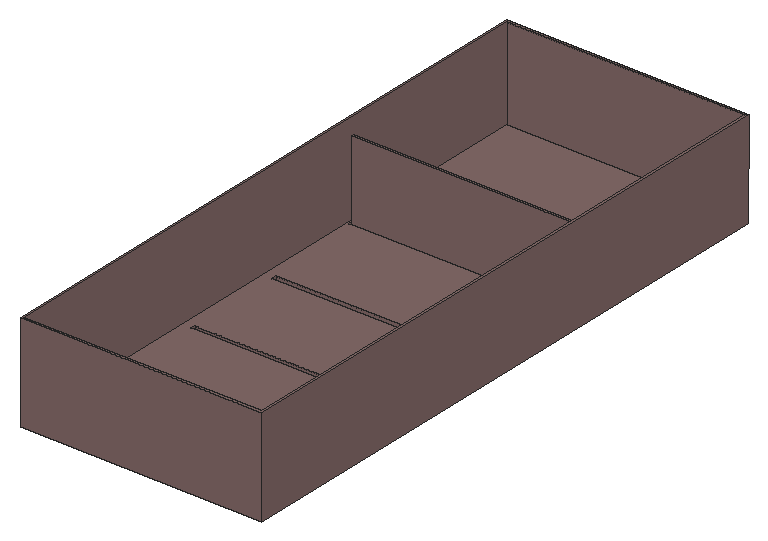
Revit family "Accesories-Teknion-CEAOB-Organizer_Utility_Box-Expansion_Casework+-R2023", category Furniture, Revit 2023
Family settings
  OmniClass Number = 23.40.20.00
  OmniClass Title = General Furniture and Specialties
  Work Plane-Based = No
  Enable Cutting in Views = No
  Always vertical = Yes
  Cut with Voids When Loaded = No
  Render Appearance Source = Family Geometry
  Shared = Yes
  Room Calculation Point = No
Parameters (values of type "16 - Standard (Soft Close)")
  dIV = if(Depth = 15.000", 4.982", 5.982")  # 4.982"
  Width = 0.000"
  Warranty = "http://www.teknion.com/ca/papers/legal-canada"
  Unit Weight URL = "http://www.teknion.com/ca/tools/assets#&asset=bee6a381-b954-425e-8283-5a2de3a804f2,f828d448-4b62-4231-9e5f-9a8991c0ed77"
  URL = "www.teknion.com"
  To render please download texture images found here [instance] = "https://assets.teknion.com/web/5e81352c1dfdb467/revit-material-swatches/"
  Sustainability Data = "https://www.teknion.com/ca/tools/assets#&topic=216f99a5-57a0-44fc-b10a-9dee9b29ae4c&asset=444deb64-fe58-4b68-981e-f75e97781df7,b4ff2d81-9f2e-437d-9659-7cffb09c31cf"
  Series = "Expansion "  # constant formula
  Product Page URL = "https://www.teknion.com/ca/products/product-details?productLineId=30ca1270-8e7a-673b-a6c8-ff05004460c4"
  Product Line = "Casework +"  # constant formula
  Product Documentation Link = "http://www.teknion.com/pricingguides/Casework/pdfs/CEAOB_ppg.pdf"
  Part Number = "CEAOB"  # constant formula
  Organiser Finish [instance] = Paint - Teknion - KJ - Accent - Mulled Wine
  Model = "CEAOB1606"
  Manufacturer Phone = "416-661-3370"  # constant formula
  Manufacturer Fax = "416.661.4586"  # constant formula
  Manufacturer Contact Information = "http://www.teknion.com/ca/contactus"
  Manufacturer Address = "1150 Flint Road, Toronto, ON. M3J 2J5. Canada"  # constant formula
  Manufacturer = "Teknion"  # constant formula
  Length = 0.000"
  How To Use Teknion Materials User Guide [instance] = "https://assets.teknion.com/m/205dd0a49fa58060/original/How-to-add-a-Material-Library-and-Texture-Images-to-your-Revit-project.pdf"
  Height = 63.000"
  For Additional Finishes please visit [instance] = "https://assets.teknion.com/m/44a8009b046e5d47/original/Teknion_Materials_Library.zip"
  Description = "Drawer Organizer - Utility Box - Width 6Inches"  # constant formula
  Depth = 15.000"
  Default Elevation = 0.000"
  Assembly Code = "E2020200"
  20 = no
  16 = yes
Types (2): name | dIV | Organiser Finish | Model | Depth | 20 | 16
  20 - Undermount (Soft Close) | 5.982" | Paint - Teknion - CJ - Accent - Atmosphere | "CEAOB2006" | 18.000" | yes | no
  16 - Standard (Soft Close) | 4.982" | Paint - Teknion - KJ - Accent - Mulled Wine | "CEAOB1606" | 15.000" | no | yes
Reference planes (in)
  plane 1 "Center Front/Back": y = 0
  plane 2: z = 0
  plane 3 "Center Left/Right": x = 0
  plane 4 "Left": x = -2.985
  plane 5 "Right": x = 2.985
  plane 6 "Back": y = 7.5
  plane 7 "Front": y = -7.5
  plane 8 "Top": z = 63
  plane 9: y = 2.518
Forms (in)
  Sweep 1, solid, material "Paint - Teknion - KJ - Accent - Mulled Wine" <- "Organiser Finish"
    path origin (0, 0, 0) x (1, 0, 0) y (0, 0, 1)
      loop
        line (0, 30.70945) -> (0, 28.29134)
    profile origin (0, 0, 29.50039) x (0, -1, 0) y (1, 0, 0)
      loop
        line (-7.5, 2.985) -> (-7.5, -2.985) -> (7.5, -2.985) -> (7.5, 2.985) -> (-7.5, 2.985)
      loop
        line (-7.45, 2.935) -> (-7.45, -2.935) -> (7.45, -2.935) -> (7.45, 2.935) -> (-7.45, 2.935)
  Sweep 2, solid, material "Paint - Teknion - KJ - Accent - Mulled Wine" <- "Organiser Finish"
    path origin (0, 0, 0) x (1, 0, 0) y (0, 0, 1)
      loop
        line (0, 30.43567) -> (0, 28.29134)
    profile origin (0, 0, 29.3635) x (0, -1, 0) y (1, 0, 0)
      loop
        line (-2.518, -2.765) -> (-2.45534, -2.765) -> (-2.45534, 2.765) -> (-2.518, 2.765) -> (-2.518, -2.765)
  Extrusion 3, solid, material "Paint - Teknion - KJ - Accent - Mulled Wine" <- "Organiser Finish", visible <- "16"
    sketch origin (0, 0, 28.29134) x (-1, 0, 0) y (0, 1, 0)
      loop
        line (2.85828, 7.34692) -> (-2.86743, 7.34692) -> (-2.86743, -7.37104) -> (2.85828, -7.37104) -> (2.85828, 7.34692)
      loop
        line (2.625, -0.0549) -> (-2.625, -0.0549) -> (-2.625, -0.19323) -> (2.625, -0.19323) -> (2.625, -0.0549)
      loop
        line (2.625, -2.5549) -> (-2.625, -2.5549) -> (-2.625, -2.69323) -> (2.625, -2.69323) -> (2.625, -2.5549)
      loop
        line (2.80828, 2.54613) -> (-2.81743, 2.54613) -> (-2.81743, 2.42323) -> (2.80828, 2.42323) -> (2.80828, 2.54613)
    from -0.2 to 0
  Extrusion 4, solid, material "Paint - Teknion - KJ - Accent - Mulled Wine" <- "Organiser Finish", visible <- "20"
    sketch origin (0, -0.0625, 28.29134) x (-1, 0, 0) y (0, 1, 0)
      loop
        line (2.85828, 7.34692) -> (-2.86743, 7.34692) -> (-2.86743, -7.37104) -> (2.85828, -7.37104) -> (2.85828, 7.34692)
      loop
        line (2.625, 0.1326) -> (-2.625, 0.1326) -> (-2.625, -0.00573) -> (2.625, -0.00573) -> (2.625, 0.1326)
      loop
        line (2.625, -2.8674) -> (-2.625, -2.8674) -> (-2.625, -3.00573) -> (2.625, -3.00573) -> (2.625, -2.8674)
      loop
        line (2.80828, 3.11062) -> (-2.81743, 3.11062) -> (-2.81743, 2.98772) -> (2.80828, 2.98772) -> (2.80828, 3.11062)
    from -0.2 to 0
Lines and regions (in)
  Masking region 1
    outline origin (0, 0, 0) x (1, 0, 0) y (0, 1, 0)
      loop
        line (-2.985, 7.5) -> (-2.985, -7.5) -> (2.985, -7.5) -> (2.985, 7.5) -> (-2.985, 7.5)
  Masking region 2
    outline origin (0, 0, 0) x (1, 0, 0) y (0, 1, 0)
      loop
        line (2.765, 2.518) -> (-2.765, 2.518) -> (-2.765, 2.45534) -> (2.765, 2.45534) -> (2.765, 2.518)
  symbolic lines
    curve 1: line (-2.85828, 7.34692, 0) -> (-2.85828, -7.37104, 0)
    curve 2: line (-2.85828, -7.37104, 0) -> (2.86743, -7.37104, 0)
    curve 3: line (2.86743, -7.37104, 0) -> (2.86743, 7.34692, 0)
    curve 4: line (2.86743, 7.34692, 0) -> (-2.85828, 7.34692, 0)
  symbolic lines, visible <- "16"
    curve 5: line (-2.625, -2.5549, 0) -> (2.625, -2.5549, 0)
    curve 6: line (2.625, -2.5549, 0) -> (2.625, -2.69323, 0)
    curve 7: line (2.625, -2.69323, 0) -> (-2.625, -2.69323, 0)
    curve 8: line (-2.625, -2.69323, 0) -> (-2.625, -2.5549, 0)
    curve 9: line (2.625, -0.19323, 0) -> (-2.625, -0.19323, 0)
    curve 10: line (-2.625, -0.19323, 0) -> (-2.625, -0.0549, 0)
    curve 11: line (-2.625, -0.0549, 0) -> (2.625, -0.0549, 0)
    curve 12: line (2.625, -0.0549, 0) -> (2.625, -0.19323, 0)
    curve 21: line (-2.80828, 2.54613, 0) -> (2.81743, 2.54613, 0)
    curve 22: line (2.81743, 2.54613, 0) -> (2.81743, 2.42323, 0)
    curve 23: line (2.81743, 2.42323, 0) -> (-2.80828, 2.42323, 0)
    curve 24: line (-2.80828, 2.42323, 0) -> (-2.80828, 2.54613, 0)
  symbolic lines, visible <- "20"
    curve 13: line (-2.625, 0.0701, 0) -> (2.625, 0.0701, 0)
    curve 14: line (2.625, 0.0701, 0) -> (2.625, -0.06823, 0)
    curve 15: line (2.625, -0.06823, 0) -> (-2.625, -0.06823, 0)
    curve 16: line (-2.625, -0.06823, 0) -> (-2.625, 0.0701, 0)
    curve 17: line (-2.625, -2.9299, 0) -> (2.625, -2.9299, 0)
    curve 18: line (2.625, -2.9299, 0) -> (2.625, -3.06823, 0)
    curve 19: line (2.625, -3.06823, 0) -> (-2.625, -3.06823, 0)
    curve 20: line (-2.625, -3.06823, 0) -> (-2.625, -2.9299, 0)
    curve 25: line (2.81743, 2.92522, 0) -> (-2.80828, 2.92522, 0)
    curve 26: line (-2.80828, 2.92522, 0) -> (-2.80828, 3.04812, 0)
    curve 27: line (-2.80828, 3.04812, 0) -> (2.81743, 3.04812, 0)
    curve 28: line (2.81743, 3.04812, 0) -> (2.81743, 2.92522, 0)
Dimensions and locks (in)
  plane 4 "Left" to plane 5 "Right" = 5.970"
  "Depth": plane 6 "Back" to plane 7 "Front"
  "Height": plane 8 "Top" to level
  locked: plane 6 "Back" to Sweep 1 sketch curve at 0.05
  locked: plane 7 "Front" to Sweep 1 sketch curve at 0.05
  locked: Sweep 1 sketch curve to plane 5 "Right" at 0.05
  locked: plane 4 "Left" to Sweep 1 sketch curve at 0.05
  locked: Sweep 1 to Sweep 2 sketch curve at 0.27378
  equal spacing: plane 6 "Back", plane 1 "Center Front/Back", plane 7 "Front"
  locked: plane 9 to Sweep 2 sketch curve at 0.06266
  locked: plane 4 "Left" to Sweep 2 sketch curve at 0.22
  locked: Sweep 2 sketch curve to plane 5 "Right" at 0.22
  "dIV": plane 6 "Back" to plane 9
  aligned and locked: level to plane 2
  aligned and locked: Sweep 1 sketch curve to plane 3 "Center Left/Right"
  aligned and locked: Sweep 1 to Sweep 2 sketch curve
  aligned and locked: Sweep 2 sketch curve to plane 9
  aligned and locked: plane 4 "Left" to nested 1
  aligned and locked: nested 1 to plane 6 "Back"
  aligned and locked: nested 2 to plane 6 "Back"
  aligned and locked: nested 2 to plane 5 "Right"
  aligned and locked: Masking region 1 sketch curve to Sweep 1  (x4)
  aligned and locked: Masking region 2 sketch curve to Sweep 2  (x4)
  aligned and locked: curve 1 to Extrusion 3
  aligned and locked: curve 2 to Extrusion 3
  aligned and locked: curve 3 to Extrusion 3
  aligned and locked: curve 4 to Extrusion 3
  aligned and locked: curve 5 to Extrusion 3
  aligned and locked: curve 6 to Extrusion 3
  aligned and locked: curve 7 to Extrusion 3
  aligned and locked: curve 8 to Extrusion 3
  aligned and locked: curve 9 to Extrusion 3
  aligned and locked: curve 10 to Extrusion 3
  aligned and locked: curve 11 to Extrusion 3
  aligned and locked: curve 12 to Extrusion 3
  aligned and locked: curve 13 to Extrusion 4
  aligned and locked: Extrusion 4 to curve 14
  aligned and locked: curve 15 to Extrusion 4
  aligned and locked: curve 16 to Extrusion 4
  aligned and locked: curve 17 to Extrusion 4
  aligned and locked: Extrusion 4 to curve 18
  aligned and locked: curve 19 to Extrusion 4
  aligned and locked: curve 20 to Extrusion 4
  aligned and locked: curve 21 to Extrusion 3
  aligned and locked: curve 22 to Extrusion 3
  aligned and locked: curve 23 to Extrusion 3
  aligned and locked: curve 24 to Extrusion 3
  aligned and locked: curve 25 to Extrusion 4
  aligned and locked: curve 26 to Extrusion 4
  aligned and locked: curve 27 to Extrusion 4
  aligned and locked: Extrusion 4 to curve 28
Automatic sketch dimensions
  level to Sweep 1 sketch curve = 28.29134"
  Sweep 1 sketch curve to Sweep 1 sketch curve = 2.41811"
  Sweep 1 sketch curve to Sweep 1 sketch curve = 0.050"  (x4)
  Sweep 2 sketch curve to plane 3 "Center Left/Right" = 0.000"
  Extrusion 3 sketch curve to Sweep 1 = 0.06757"
  Extrusion 3 sketch curve to Sweep 1 = 0.11757"
  Extrusion 3 sketch curve to Sweep 1 = 0.310"  (x4)
  Extrusion 3 sketch curve to Sweep 1 = 0.12672"
  Extrusion 3 sketch curve to Sweep 1 = 0.07672"
  Extrusion 3 sketch curve to Sweep 1 = 0.10308"
  Extrusion 3 sketch curve to Extrusion 3 sketch curve = 4.80079"
  Extrusion 3 sketch curve to Extrusion 3 sketch curve = 0.1229"
  Extrusion 3 sketch curve to Extrusion 3 sketch curve = 2.47813"
  Extrusion 3 sketch curve to Extrusion 3 sketch curve = 0.13832"  (x2)
  Extrusion 3 sketch curve to Extrusion 3 sketch curve = 2.36168"
  Extrusion 3 sketch curve to Sweep 1 = 0.07896"
  Extrusion 4 sketch curve to Sweep 1 = 0.16558"
  Sweep 1 to Extrusion 4 sketch curve = 0.11757"
  Sweep 1 to Extrusion 4 sketch curve = 0.16757"
  Sweep 1 to Extrusion 4 sketch curve = 0.360"
  Extrusion 4 sketch curve to Extrusion 4 sketch curve = 0.19243"
  Sweep 1 to Extrusion 4 sketch curve = 5.610"  (x2)
  Sweep 1 to Extrusion 4 sketch curve = 5.79328"
  Sweep 1 to Extrusion 4 sketch curve = 5.84328"
  Extrusion 4 sketch curve to Extrusion 4 sketch curve = 4.2363"
  Extrusion 4 sketch curve to Extrusion 4 sketch curve = 0.1229"
  Extrusion 4 sketch curve to Extrusion 4 sketch curve = 2.85512"
  Extrusion 4 sketch curve to Extrusion 4 sketch curve = 0.13832"  (x2)
  Extrusion 4 sketch curve to Extrusion 4 sketch curve = 2.86168"
  Extrusion 4 sketch curve to Sweep 1 = 0.01646"
  plane 4 "Left" to curve 1 = 0.12672"
  plane 5 "Right" to curve 3 = 0.11757"
  curve 1 to plane 7 "Front" = 0.12896"
  curve 3 to plane 6 "Back" = 0.15308"
  plane 4 "Left" to curve 5 = 0.360"
  plane 5 "Right" to curve 7 = 0.360"
  plane 1 "Center Front/Back" to curve 7 = 2.69323"
  curve 6 to curve 5 = 0.13832"
  plane 1 "Center Front/Back" to curve 11 = 0.0549"
  plane 4 "Left" to curve 11 = 0.360"
  plane 5 "Right" to curve 11 = 0.360"
  curve 9 to curve 10 = 0.13832"
  curve 13 to curve 10 = 0.000"
  curve 15 to curve 11 = 0.000"
  curve 15 to curve 11 = 0.01332"
  curve 13 to plane 1 "Center Front/Back" = 0.0701"
  curve 17 to curve 7 = 0.000"
  plane 5 "Right" to curve 19 = 0.360"
  curve 20 to curve 7 = 0.375"
  curve 18 to curve 18 = 0.13832"
  plane 4 "Left" to curve 21 = 0.17672"
  plane 5 "Right" to curve 21 = 0.16757"
  curve 13 to curve 23 = 2.35313"
  curve 22 to curve 21 = 0.1229"
  plane 4 "Left" to curve 26 = 0.17672"
  plane 5 "Right" to curve 25 = 0.16757"
  curve 21 to curve 25 = 0.37909"
  curve 25 to curve 27 = 0.1229"
Nested families (in)
  nested 1: "Teknion_2D_Node_Family-R2021" at (-2.985, 7.5, 0), type "Teknion_2D_Node_Family-R2021"
  nested 2: "Teknion_2D_Node_Family-R2021" at (2.985, 7.5, 0), type "Teknion_2D_Node_Family-R2021"
Definition of nested family "Teknion_2D_Node_Family-R2021"
  Reference planes (in)
    plane 1 "Center (Front/Back)": y = 0
    plane 2: z = 0
    plane 3 "Center (Left/Right)": x = 0
  Lines and regions (in)
    detail lines, in view "Ref. Level"
      curve 1: circle (0, 0, 0) r 1.25 normal (0, 0, 1)
      curve 2: line (1.91508, -1.91508, 0) -> (-1.91508, 1.91508, 0)
      curve 3: line (-1.91508, -1.91508, 0) -> (1.91508, 1.91508, 0)
